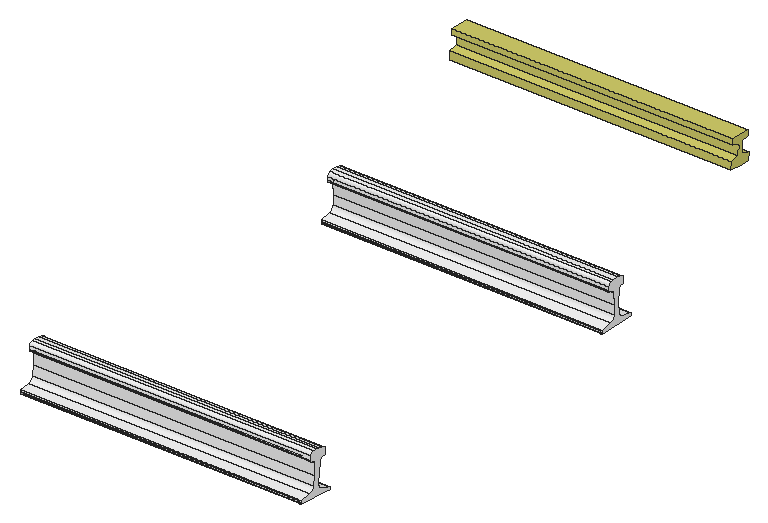
Revit family "Rails_ByLine", category Обобщенные модели, Revit 2019
Family settings
  Может служить основой для арматурных стержней = Нет
  Размер круглого соединителя = Использовать диаметр
  Тип детали = Нормальный
  При загрузке вырезать с полостями = Нет
  Общий = Нет
  Точка расчета площади = Нет
Parameters
  built-in parameter 1001306 [instance] = 1200 mm
  Length [instance] = [built-in parameter 1001306]  # 1200 mm
Reference planes
  plane 1 "По центру (Вперед/Назад)": y = 0
  plane 2: z = 0
  plane 3 "Слева": x = 0
  plane 4 "Справа": x = 1200
Forms (mm)
  Sweep 1, solid, material "Металл - Сталь"
    path origin (0, -84.609, 0) x (1, 0, 0) y (0, 1, 0)
      loop
        line (0, 0) -> (1200, 0)
    profile origin (600, -84.609, 0) x (0, 1, 0) y (0, 0, 1)
      loop
        arc (-894.865, 208.118) -> (-891.425, 214.293) -> (-885.105, 217.461) r 12
        line (-885.105, 217.461) -> (-872.447, 219.577)
        arc (-872.447, 219.577) -> (-869.505, 221.221) -> (-868.274, 224.359) r 5
        line (-868.274, 224.359) -> (-867.8, 240.171)
        arc (-867.8, 240.171) -> (-870.643, 249.477) -> (-878.598, 255.081) r 15
        arc (-878.598, 255.081) -> (-885.723, 256.789) -> (-892.974, 257.837) r 80
        arc (-892.974, 257.837) -> (-902.934, 258.736) -> (-912.91, 259.435) r 500
        arc (-912.91, 259.435) -> (-920.236, 259.554) -> (-927.542, 259.002) r 80
        arc (-927.542, 259.002) -> (-936.288, 254.737) -> (-940.576, 246.001) r 15
        line (-940.576, 246.001) -> (-942.626, 230.316)
        arc (-942.626, 230.316) -> (-941.91, 227.022) -> (-939.267, 224.931) r 5
        line (-939.267, 224.931) -> (-927.107, 220.826)
        arc (-927.107, 220.826) -> (-921.372, 216.693) -> (-918.96, 210.048) r 12
        arc (-918.96, 210.048) -> (-918.554, 186.145) -> (-919.692, 162.266) r 370
        arc (-919.692, 162.266) -> (-921.666, 143.315) -> (-924.54, 124.479) r 400
        arc (-924.54, 124.479) -> (-931.564, 111.075) -> (-945.034, 104.179) r 25
        line (-945.034, 104.179) -> (-988.097, 96.979)
        arc (-988.097, 96.979) -> (-990.385, 95.739) -> (-991.425, 93.354) r 4
        line (-991.425, 93.354) -> (-991.91, 87.294)
        arc (-991.91, 87.294) -> (-991.44, 85.838) -> (-990.077, 85.141) r 2
        line (-990.077, 85.141) -> (-844.543, 73.481)
        arc (-844.543, 73.481) -> (-843.086, 73.952) -> (-842.39, 75.315) r 2
        line (-842.39, 75.315) -> (-841.904, 81.374)
        arc (-841.904, 81.374) -> (-842.551, 83.894) -> (-844.612, 85.483) r 4
        line (-844.612, 85.483) -> (-885.979, 99.448)
        arc (-885.979, 99.448) -> (-898.18, 108.4) -> (-902.98, 122.751) r 25
        arc (-902.98, 122.751) -> (-902.819, 141.805) -> (-901.75, 160.828) r 400
        arc (-901.75, 160.828) -> (-899.072, 184.584) -> (-894.865, 208.118) r 370
  Sweep 2, solid, material "Металл - Сталь"
    path origin (0, 1492.188, 89.105) x (1, 0, 0) y (0, 1, 0)
      loop
        line (0, 0) -> (1200, 0)
    profile origin (600, 1492.188, 89.105) x (0, 1, 0) y (0, 0, 1)
      loop
        arc (-880.73, 122.053) -> (-890.731, 121.97) -> (-900.727, 121.687) r 500
        arc (-900.727, 121.687) -> (-908.029, 121.087) -> (-915.245, 119.821) r 80
        arc (-915.245, 119.821) -> (-923.531, 114.718) -> (-926.942, 105.605) r 15
        line (-926.942, 105.605) -> (-927.442, 89.794)
        arc (-927.442, 89.794) -> (-926.407, 86.586) -> (-923.572, 84.764) r 5
        line (-923.572, 84.764) -> (-911.068, 81.872)
        arc (-911.068, 81.872) -> (-904.955, 78.321) -> (-901.902, 71.945) r 12
        arc (-901.902, 71.945) -> (-899.153, 48.197) -> (-897.944, 24.322) r 370
        arc (-897.944, 24.322) -> (-898.049, 5.268) -> (-899.061, -13.759) r 400
        arc (-899.061, -13.759) -> (-904.736, -27.787) -> (-917.465, -35.971) r 25
        line (-917.465, -35.971) -> (-959.614, -47.36)
        arc (-959.614, -47.36) -> (-961.769, -48.819) -> (-962.57, -51.295) r 4
        line (-962.57, -51.295) -> (-962.459, -57.373)
        arc (-962.459, -57.373) -> (-961.847, -58.776) -> (-960.423, -59.336) r 2
        line (-960.423, -59.336) -> (-814.447, -56.663)
        arc (-814.447, -56.663) -> (-813.044, -56.051) -> (-812.484, -54.627) r 2
        line (-812.484, -54.627) -> (-812.595, -48.549)
        arc (-812.595, -48.549) -> (-813.487, -46.104) -> (-815.693, -44.725) r 4
        line (-815.693, -44.725) -> (-858.231, -34.886)
        arc (-858.231, -34.886) -> (-871.251, -27.174) -> (-877.436, -13.363) r 25
        arc (-877.436, -13.363) -> (-879.144, 5.614) -> (-879.947, 24.651) r 400
        arc (-879.947, 24.651) -> (-879.612, 48.555) -> (-877.734, 72.388) r 370
        arc (-877.734, 72.388) -> (-874.917, 78.871) -> (-868.939, 82.644) r 12
        line (-868.939, 82.644) -> (-856.549, 85.992)
        arc (-856.549, 85.992) -> (-853.782, 87.916) -> (-852.865, 91.16) r 5
        line (-852.865, 91.16) -> (-853.944, 106.941)
        arc (-853.944, 106.941) -> (-857.686, 115.924) -> (-866.154, 120.72) r 15
        arc (-866.154, 120.72) -> (-873.411, 121.721) -> (-880.73, 122.053) r 80
  Sweep 3, solid, material "Steel_Yellow_ForContactRail"
    path origin (0, 2334.106, 314.974) x (1, 0, 0) y (0, 1, 0)
      loop
        line (0, 0) -> (1200, 0)
    profile origin (600, 2334.106, 314.974) x (0, 1, 0) y (0, 0, 1)
      loop
        line (-1109.983, 156.49) -> (-1110.678, 134.023) -> (-1080.491, 125.484) -> (-1081.9, 80.496) -> (-1117.22, 72.882) -> (-1118.231, 40.179)
        arc (-1118.231, 40.179) -> (-1095.834, 37.927) -> (-1073.359, 36.685) r 500
        arc (-1073.359, 36.685) -> (-1050.811, 36.457) -> (-1028.275, 37.246) r 500
        line (-1028.275, 37.246) -> (-1027.272, 69.954) -> (-1061.917, 79.828) -> (-1060.511, 124.868) -> (-1029.745, 131.376) -> (-1029.025, 153.865) -> (-1069.487, 155.187) -> (-1109.983, 156.49)
Lines and regions (mm)
  reference lines
    curve 1: line (0, 0, 0) -> (1200, 0, 0)
Dimensions and locks
  "built-in parameter 1001306": plane 3 "Слева" to plane 4 "Справа"
  "Length": Sweep 1 sketch curve to Sweep 1 sketch curve
  "Length": Sweep 2 sketch curve to Sweep 2 sketch curve
  "Length": Sweep 3 sketch curve to Sweep 3 sketch curve
  aligned and locked: plane 4 "Справа" to curve 1
  aligned and locked: plane 1 "По центру (Вперед/Назад)" to curve 1
  aligned and locked: plane 3 "Слева" to curve 1
  aligned and locked: level to plane 2
Automatic sketch dimensions
  Sweep 1 sketch curve to plane 3 "Слева" = 0 mm
  plane 1 "По центру (Вперед/Назад)" to Sweep 1 sketch curve = 84.609 mm
  Sweep 2 sketch curve to plane 3 "Слева" = 0 mm
  Sweep 2 sketch curve to plane 1 "По центру (Вперед/Назад)" = 1492.188 mm
  Sweep 3 sketch curve to plane 3 "Слева" = 0 mm
  Sweep 3 sketch curve to plane 1 "По центру (Вперед/Назад)" = 2334.106 mm
  profile plane to Sweep 2 sketch curve = 16.998 mm
  profile plane to Sweep 2 sketch curve = 1297.877 mm
  Sweep 2 sketch curve to Sweep 2 sketch curve = 29.995 mm  (x2)
  Sweep 2 sketch curve to profile plane = 51.295 mm
  Sweep 2 sketch curve to Sweep 2 sketch curve = 305.312 mm
  Sweep 2 sketch curve to profile plane = 57.373 mm
  Sweep 2 sketch curve to Sweep 2 sketch curve = 0.111 mm
  Sweep 2 sketch curve to Sweep 2 sketch curve = 2 mm  (x2)
  Sweep 2 sketch curve to profile plane = 59.336 mm
  Sweep 2 sketch curve to Sweep 2 sketch curve = 0.037 mm  (x2)
  Sweep 2 sketch curve to profile plane = 47.36 mm
  Sweep 2 sketch curve to Sweep 2 sketch curve = 2.956 mm
  Sweep 2 sketch curve to Sweep 2 sketch curve = 3.999 mm  (x2)
  profile plane to Sweep 2 sketch curve = 89.794 mm
  Sweep 2 sketch curve to Sweep 2 sketch curve = 32.172 mm
  profile plane to Sweep 2 sketch curve = 105.605 mm
  Sweep 2 sketch curve to Sweep 2 sketch curve = 0.501 mm
  Sweep 2 sketch curve to profile plane = 11.837 mm
  Sweep 2 sketch curve to Sweep 2 sketch curve = 35.627 mm
  profile plane to Sweep 2 sketch curve = 84.764 mm
  Sweep 2 sketch curve to Sweep 2 sketch curve = 3.871 mm
  Sweep 2 sketch curve to Sweep 2 sketch curve = 4.997 mm
  Sweep 2 sketch curve to profile plane = 35.971 mm
  Sweep 2 sketch curve to Sweep 2 sketch curve = 6.522 mm
  Sweep 2 sketch curve to Sweep 2 sketch curve = 9.8 mm
  Sweep 2 sketch curve to Sweep 2 sketch curve = 14.994 mm
  profile plane to Sweep 2 sketch curve = 81.872 mm
  Sweep 2 sketch curve to Sweep 2 sketch curve = 2.704 mm
  Sweep 2 sketch curve to Sweep 2 sketch curve = 15.942 mm
  Sweep 2 sketch curve to Sweep 2 sketch curve = 78.847 mm
  Sweep 2 sketch curve to Sweep 2 sketch curve = 17.132 mm
  profile plane to Sweep 2 sketch curve = 82.644 mm
  Sweep 2 sketch curve to Sweep 2 sketch curve = 42.129 mm
  Sweep 2 sketch curve to Sweep 2 sketch curve = 0.026 mm
  Sweep 2 sketch curve to Sweep 2 sketch curve = 3.13 mm
  Sweep 2 sketch curve to profile plane = 34.886 mm
  Sweep 2 sketch curve to Sweep 2 sketch curve = 40.83 mm
  Sweep 2 sketch curve to Sweep 2 sketch curve = 11.085 mm
  profile plane to Sweep 2 sketch curve = 85.992 mm
  Sweep 2 sketch curve to Sweep 2 sketch curve = 1.304 mm
  profile plane to Sweep 2 sketch curve = 106.941 mm
  Sweep 2 sketch curve to Sweep 2 sketch curve = 14.969 mm
  profile plane to Sweep 2 sketch curve = 91.16 mm
  Sweep 2 sketch curve to Sweep 2 sketch curve = 4.988 mm
  Sweep 2 sketch curve to profile plane = 10.529 mm
  Sweep 2 sketch curve to Sweep 2 sketch curve = 5.634 mm
  Sweep 2 sketch curve to Sweep 2 sketch curve = 41.636 mm
  Sweep 2 sketch curve to profile plane = 44.725 mm
  Sweep 2 sketch curve to Sweep 2 sketch curve = 0.901 mm
  Sweep 2 sketch curve to Sweep 2 sketch curve = 2.111 mm
  Sweep 2 sketch curve to profile plane = 56.663 mm
  Sweep 2 sketch curve to profile plane = 48.549 mm
  Sweep 2 sketch curve to profile plane = 54.627 mm
  profile plane to Sweep 2 sketch curve = 31.426 mm
  Sweep 2 sketch curve to Sweep 2 sketch curve = 302.586 mm
  Sweep 2 sketch curve to Sweep 2 sketch curve = 318.61 mm
  profile plane to Sweep 2 sketch curve = 17.547 mm
  Sweep 2 sketch curve to Sweep 2 sketch curve = 0.549 mm
  profile plane to Sweep 2 sketch curve = 41.74 mm
  Sweep 2 sketch curve to Sweep 2 sketch curve = 0.314 mm
  Sweep 2 sketch curve to Sweep 2 sketch curve = 11.691 mm
  Sweep 2 sketch curve to Sweep 2 sketch curve = 11.585 mm
  Sweep 2 sketch curve to Sweep 2 sketch curve = 0.416 mm
  Sweep 2 sketch curve to Sweep 2 sketch curve = 0.965 mm
  Sweep 2 sketch curve to Sweep 2 sketch curve = 3.298 mm
  Sweep 2 sketch curve to Sweep 2 sketch curve = 0 mm  (x3)
  Sweep 2 sketch curve to Sweep 2 sketch curve = 14.518 mm
  Sweep 2 sketch curve to Sweep 2 sketch curve = 11.817 mm
  Sweep 2 sketch curve to Sweep 2 sketch curve = 0.752 mm
  Sweep 3 sketch curve to Sweep 3 sketch curve = 0 mm  (x2)
  profile plane to Sweep 3 sketch curve = 40.179 mm
  profile plane to Sweep 3 sketch curve = 1118.231 mm
  profile plane to Sweep 3 sketch curve = 72.882 mm
  Sweep 3 sketch curve to Sweep 3 sketch curve = 1.011 mm
  profile plane to Sweep 3 sketch curve = 134.023 mm
  Sweep 3 sketch curve to Sweep 3 sketch curve = 6.542 mm
  profile plane to Sweep 3 sketch curve = 156.49 mm
  Sweep 3 sketch curve to Sweep 3 sketch curve = 0.696 mm
  profile plane to Sweep 3 sketch curve = 80.496 mm
  Sweep 3 sketch curve to Sweep 3 sketch curve = 35.321 mm
  profile plane to Sweep 3 sketch curve = 125.484 mm
  Sweep 3 sketch curve to Sweep 3 sketch curve = 30.187 mm
  profile plane to Sweep 3 sketch curve = 155.187 mm
  Sweep 3 sketch curve to Sweep 3 sketch curve = 11.005 mm
  profile plane to Sweep 3 sketch curve = 79.828 mm
  Sweep 3 sketch curve to Sweep 3 sketch curve = 19.983 mm
  profile plane to Sweep 3 sketch curve = 124.868 mm
  Sweep 3 sketch curve to Sweep 3 sketch curve = 19.98 mm
  Sweep 3 sketch curve to Sweep 3 sketch curve = 12.457 mm
  profile plane to Sweep 3 sketch curve = 131.376 mm
  Sweep 3 sketch curve to Sweep 3 sketch curve = 30.766 mm
  profile plane to Sweep 3 sketch curve = 153.865 mm
  Sweep 3 sketch curve to Sweep 3 sketch curve = 0.72 mm
  profile plane to Sweep 3 sketch curve = 37.246 mm
  Sweep 3 sketch curve to Sweep 3 sketch curve = 33.642 mm
  profile plane to Sweep 3 sketch curve = 69.954 mm
  Sweep 3 sketch curve to Sweep 3 sketch curve = 1.003 mm
  profile plane to Sweep 3 sketch curve = 36.685 mm
  level to Sweep 1 sketch curve = 194.212 mm
  profile plane to Sweep 1 sketch curve = 1318.415 mm
  Sweep 1 sketch curve to Sweep 1 sketch curve = 29.904 mm  (x2)
  level to Sweep 1 sketch curve = 87.294 mm
  Sweep 1 sketch curve to Sweep 1 sketch curve = 296.6 mm
  level to Sweep 1 sketch curve = 93.354 mm
  Sweep 1 sketch curve to Sweep 1 sketch curve = 0.485 mm
  level to Sweep 1 sketch curve = 85.141 mm
  Sweep 1 sketch curve to Sweep 1 sketch curve = 1.834 mm
  Sweep 1 sketch curve to Sweep 1 sketch curve = 0.16 mm  (x2)
  level to Sweep 1 sketch curve = 96.979 mm
  Sweep 1 sketch curve to Sweep 1 sketch curve = 3.328 mm
  Sweep 1 sketch curve to Sweep 1 sketch curve = 3.987 mm  (x2)
  Sweep 1 sketch curve to Sweep 1 sketch curve = 38.94 mm
  level to Sweep 1 sketch curve = 104.179 mm
  Sweep 1 sketch curve to Sweep 1 sketch curve = 4.122 mm
  Sweep 1 sketch curve to Sweep 1 sketch curve = 47.21 mm
  level to Sweep 1 sketch curve = 230.316 mm
  Sweep 1 sketch curve to Sweep 1 sketch curve = 6.531 mm
  Sweep 1 sketch curve to Sweep 1 sketch curve = 2.049 mm
  level to Sweep 1 sketch curve = 224.931 mm
  Sweep 1 sketch curve to Sweep 1 sketch curve = 3.359 mm
  Sweep 1 sketch curve to Sweep 1 sketch curve = 4.958 mm
  Sweep 1 sketch curve to Sweep 1 sketch curve = 8.322 mm
  level to Sweep 1 sketch curve = 220.826 mm
  Sweep 1 sketch curve to Sweep 1 sketch curve = 3.838 mm
  Sweep 1 sketch curve to Sweep 1 sketch curve = 14.881 mm
  Sweep 1 sketch curve to Sweep 1 sketch curve = 13.075 mm
  Sweep 1 sketch curve to Sweep 1 sketch curve = 17.08 mm
  level to Sweep 1 sketch curve = 99.448 mm
  Sweep 1 sketch curve to Sweep 1 sketch curve = 59.055 mm
  level to Sweep 1 sketch curve = 217.461 mm
  Sweep 1 sketch curve to Sweep 1 sketch curve = 42.002 mm
  Sweep 1 sketch curve to Sweep 1 sketch curve = 1.979 mm
  Sweep 1 sketch curve to Sweep 1 sketch curve = 2.314 mm
  Sweep 1 sketch curve to Sweep 1 sketch curve = 7.996 mm
  Sweep 1 sketch curve to Sweep 1 sketch curve = 11.834 mm
  level to Sweep 1 sketch curve = 219.577 mm
  Sweep 1 sketch curve to Sweep 1 sketch curve = 0.824 mm
  level to Sweep 1 sketch curve = 224.359 mm
  Sweep 1 sketch curve to Sweep 1 sketch curve = 4.998 mm
  level to Sweep 1 sketch curve = 240.171 mm
  Sweep 1 sketch curve to Sweep 1 sketch curve = 14.991 mm
  Sweep 1 sketch curve to Sweep 1 sketch curve = 40.088 mm
  level to Sweep 1 sketch curve = 85.483 mm
  Sweep 1 sketch curve to Sweep 1 sketch curve = 1.279 mm
  level to Sweep 1 sketch curve = 73.481 mm
  Sweep 1 sketch curve to Sweep 1 sketch curve = 1.348 mm
  level to Sweep 1 sketch curve = 75.315 mm
  Sweep 1 sketch curve to Sweep 1 sketch curve = 1.994 mm
  level to Sweep 1 sketch curve = 81.374 mm
  level to Sweep 1 sketch curve = 131.279 mm
  Sweep 1 sketch curve to Sweep 1 sketch curve = 308.973 mm
  Sweep 1 sketch curve to level = 239.667 mm
  Sweep 1 sketch curve to Sweep 1 sketch curve = 23.687 mm
  Sweep 1 sketch curve to Sweep 1 sketch curve = 24.658 mm
  Sweep 1 sketch curve to Sweep 1 sketch curve = 2.396 mm  (x2)
  Sweep 1 sketch curve to Sweep 1 sketch curve = 39.241 mm
  Sweep 1 sketch curve to Sweep 1 sketch curve = 1.368 mm
  Sweep 1 sketch curve to Sweep 1 sketch curve = 11.836 mm
  Sweep 1 sketch curve to Sweep 1 sketch curve = 11.37 mm
  Sweep 1 sketch curve to Sweep 1 sketch curve = 0.508 mm
  Sweep 1 sketch curve to Sweep 1 sketch curve = 14.447 mm
  Sweep 1 sketch curve to Sweep 1 sketch curve = 1.885 mm
  Sweep 1 sketch curve to Sweep 1 sketch curve = 1.846 mm
  Sweep 1 sketch curve to Sweep 1 sketch curve = 0 mm  (x4)
  Sweep 1 sketch curve to Sweep 1 sketch curve = 14.631 mm
  Sweep 1 sketch curve to Sweep 1 sketch curve = 10.183 mm
